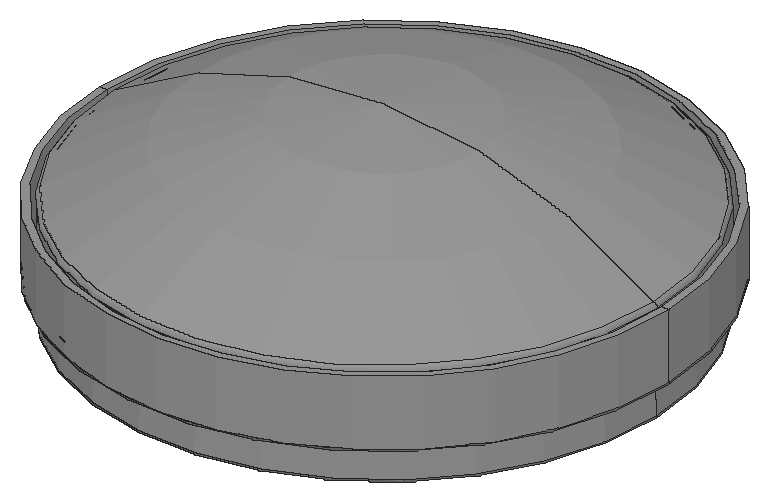
Revit family "3034812 Sylvania Lighting Fixture GIOTTO335 LED G2 4000K SURFACE 1-10V MW", category Lighting Fixtures, host Face, Revit 2016
Family settings
  Host = Face
  Part Type = Normal
  Round Connector Dimension = Use Diameter
  OmniClass Number = 23.80.70.00
  OmniClass Title = Lighting
  Cut with Voids When Loaded = No
  Light Source = Yes
  Shared = No
  Room Calculation Point = No
Parameters (values of type "3034812 GIOTTO335 LED G2 SURFACE 4000K 1-10V MW")
  Weight = "1.2 kg"
  Wattage Comments = ""
  Wattage = 23 W
  WarrantyStartDate [instance] = "n/a"
  WarrantyGuarantorParts = "n/a"
  WarrantyDurationUnit = "n/a"
  WarrantyDurationParts = "n/a"
  WarrantyDescription = "n/a"
  built-in parameter 1150110 = 1 (stored number, unit not read)
  Voltage = 230 V
  URL = "http://www.sylvania-lighting.com"
  TypeName = "GIOTTO335 LED G2 4000K SURFACE 1-10V MW"
  Type Image = <None>
  Type Comments = "n/a"
  built-in parameter 1114217 = 1 (stored number, unit not read)
  Tilt Angle = -90.00°
  built-in parameter 1150109 = 1 (stored number, unit not read)
  built-in parameter 1150134 = 12
  built-in parameter 1150113 = 1 (stored number, unit not read)
  SerialNumber [instance] = "n/a"
  Photometric Web File = "3034812.ies"
  Material_3_SYL = LED-Sylvania
  PowerFactor = 0
  PowerConsumption = "23 W"
  NominalLength = 335 mm
  NominalHeight = 110 mm
  NominalDepth = 335 mm
  Name = "GIOTTO335 LED G2 4000K SURFACE 1-10V MW"
  ModelReference = Name  # "GIOTTO335 LED G2 4000K SURFACE 1-10V MW"
  ModelNumber = "3034812"
  Model = Name  # "GIOTTO335 LED G2 4000K SURFACE 1-10V MW"
  Material = "polycarbonate housing, polycarbonate diffuser"
  ManufacturerName = "Feilo Sylvania"
  Manufacturer = "Feilo Sylvania"
  LuminousEfficacy = "97 lm/W"
  built-in parameter 1150105 = 685.38 (stored number, unit not read)
  Lumens = 2231 lm
  LuminaireType = ""
  built-in parameter 1150115 = 1 (stored number, unit not read)
  LightOutputRatio = "n/a"
  built-in parameter 1150137 = (empty or 0)
  built-in parameter 1150139 = (empty or 0)
  LampsType = Lamp  # "LED"
  LampNominalLuminous = "2225 lm"
  LampMacAdamStep = "n/a"
  LampColourTemperature = "4000 K"
  LampColourRenderingIndex = "80"
  built-in parameter 1150112 = 1 (stored number, unit not read)
  built-in parameter 1150114 = 1 (stored number, unit not read)
  Lamp = "LED"
  Keynote = "16500"
  InstallationDate [instance] = "n/a"
  InputVoltage = "n/a"
  InputNominalFrequency = "n/a"
  built-in parameter 1150132 = (empty or 0)
  built-in parameter 1150102 = (empty or 0)
  built-in parameter 1150107 = 4000 (stored number, unit not read)
  built-in parameter 1150138 = (empty or 0)
  IngressProtection = "IP44"
  ImpactProtectionIndex = "IK10"
  built-in parameter 1150106 = 6.8538 (stored number, unit not read)
  IfcExportType = "IfcLightFixtureType"
  IfcExportAs = "IfcLightFixtureType"
  Height_SYL = 110 mm
  ExpectedLife = 50000
  Emit from Circle Diameter = 317 mm
  Emit Shape Visible in Rendering = no
  ElectricShockClassification = "Class I"
  built-in parameter 1150104 = 9.0116 (stored number, unit not read)
  DurationUnit = "hours"
  DocumentationLiterature = "http://www.sylvania-lighting.com/product/en-int/products/3034812"
  DimmingControlOptions = "n/a"
  Material_2_SYL = Polycarbonate_Sylvania_Giotto_Opal
  Dimming Lamp Color Temperature Shift = <None>
  DiffuserRadius_SYL = 282.611 mm
  Diameter_SYL = 335 mm
  Description = "Ambient and decorative round, surface mounted LED bulkhead luminaire. White robust polycarbonate body with opal diffuser, 2225 lm, 23W, 97lm/W, 4000K, CRI 80, 1-10V dimmable, integral microwave sensor. 50,000 hours lumen maintenance. Drive current: 700mA, IP44, IK10, Class I, 220-240V, Energy class: A++, A+, A."
  Default Elevation = 1219.2 mm
  CreatedOn = "9/13/2018"
  CreatedBy = "@sylvania-lighting.com"
  Cost = 0
  Color Filter = 16777215
  built-in parameter 1114216 [instance] = (empty or 0)
  ClassificationValue = "EF_70_80"
  ClassificationName = "Uniclass2015"
  Material_1_SYL = Polycarbonate_Sylvania_Giotto_White
  BarCode [instance] = "n/a"
  built-in parameter 1114218 = 1 (stored number, unit not read)
  built-in parameter 1150133 = 10 (stored number, unit not read)
  AssetType = "Fixed"
  AssetIdentifier [instance] = "n/a"
  Assembly Code = "D5020200"
  Apparent Load = 23 VA
  Material_4_SYL = none
Reference planes
  plane 1 "Center (Front/Back)": y = 0
  plane 2: z = 0
  plane 3 "Center (Left/Right)": x = 0
  plane 4: x = 167.5
  plane 5: x = -167.5
  plane 6: x = -160.5
  plane 7: x = -163.5
  plane 8: z = 110
  plane 9: z = 60
  plane 10: z = 20
  plane 11: z = 25
  plane 12: x = -165.9
  plane 13: z = 21.6
  plane 14: z = 1.6
  plane 15: x = -158.9
  plane 16: z = 19
  plane 17: x = -161.5
  plane 18: z = 26
Forms (mm)
  Revolve 1, solid, material "Polycarbonate_Sylvania_Giotto_White" <- "Material_1_SYL"
    sketch origin (0, 0, 0) x (1, 0, 0) y (0, 0, 1)
      loop
        line (0, 0) -> (0, 26) -> (-158.9, 26) -> (-158.9, 25) -> (-163.5, 25) -> (-163.5, 60) -> (-167.5, 60) -> (-167.5, 21.6)
        arc (-167.5, 21.6) -> (-167.031, 20.469) -> (-165.9, 20) r 1.6
        line (-165.9, 20) -> (-160.5, 20)
        arc (-160.5, 20) -> (-160.193, 19.541) -> (-160.086, 19) r 1.414
        line (-160.086, 19) -> (-160.5, 1.6)
        arc (-160.5, 1.6) -> (-160.031, 0.469) -> (-158.9, 0) r 1.6
        line (-158.9, 0) -> (0, 0)
      axis (0, 60) -> (0, 0)
    angle from 360 to 0
  Revolve 2, solid, material "Polycarbonate_Sylvania_Giotto_Opal" <- "Material_2_SYL"
    sketch origin (0, 0, 0) x (1, 0, 0) y (0, 0, 1)
      loop
        line (-160.5, 25) -> (-158.5, 25) -> (-158.5, 57.891)
        arc (-158.5, 57.891) -> (-158.267, 58.827) -> (-157.623, 59.545) r 2
        arc (-157.623, 59.545) -> (-82.451, 95.612) -> (0, 107.998) r 280.611
        line (0, 107.998) -> (0, 109.998)
        arc (0, 109.998) -> (-83.039, 97.523) -> (-158.747, 61.2) r 282.611
        arc (-158.747, 61.2) -> (-160.035, 59.763) -> (-160.5, 57.891) r 4
        line (-160.5, 57.891) -> (-160.5, 25)
      axis (0, 109.998) -> (0, 25)
    angle from 360 to 0
Dimensions and locks
  equal spacing: plane 4, plane 3 "Center (Left/Right)", plane 5
  "Diameter_SYL": plane 4 to plane 5
  locked: plane 6 to plane 5 at 7
  locked: plane 7 to plane 5 at 4
  "Height_SYL": plane 8 to plane 2
  locked: plane 8 to plane 9 at 50
  locked: plane 9 to plane 10 at 40
  Revolve 1 sketch curve to Revolve 1 sketch curve = 5.4 mm
  locked: plane 11 to plane 10 at 5
  locked: plane 12 to plane 5 at 1.6
  locked: plane 13 to plane 10 at 1.6
  locked: plane 14 to plane 2 at 1.6
  locked: plane 15 to plane 6 at 1.6
  locked: plane 6 to plane 17 at 1
  locked: plane 10 to plane 16 at 1
  locked: plane 18 to plane 11 at 1
  "DiffuserRadius_SYL": radius of Revolve 2 sketch curve
  aligned and locked: plane 2 to host face
  aligned and locked: level to host face
  aligned and locked: Revolve 1 sketch curve to plane 3 "Center (Left/Right)"
  aligned and locked: level to Revolve 1 sketch curve
  aligned and locked: Revolve 1 sketch curve to plane 10
  aligned and locked: plane 9 to Revolve 1 sketch curve
  aligned and locked: Revolve 1 sketch curve to plane 7
  aligned and locked: plane 12 to Revolve 1 sketch curve  (x2)
  aligned and locked: plane 13 to Revolve 1 sketch curve  (x2)
  aligned and locked: plane 17 to Revolve 1 sketch curve
  aligned and locked: plane 16 to Revolve 1 sketch curve  (x2)
  aligned and locked: plane 15 to Revolve 1 sketch curve  (x3)
  aligned and locked: plane 14 to Revolve 1 sketch curve  (x2)
  aligned and locked: Revolve 2 sketch curve to plane 3 "Center (Left/Right)"
  aligned and locked: plane 6 to Revolve 2 sketch curve
  aligned and locked: Revolve 2 sketch curve to Revolve 2 sketch curve
  aligned and locked: plane 3 "Center (Left/Right)" to imposter light
  aligned and locked: imposter light to plane 1 "Center (Front/Back)"
  aligned and locked: plane 18 to Revolve 1 sketch curve
  aligned and locked: plane 11 to Revolve 1 sketch curve
  aligned and locked: plane 11 to Revolve 2 sketch curve
  aligned and locked: plane 3 "Center (Left/Right)" to Revolve 2 sketch curve
  aligned and locked: imposter light to plane 8
Automatic sketch dimensions
  host sketch curve to host sketch curve = 2438.4 mm  (x2)
  Revolve 1 sketch curve to plane 3 "Center (Left/Right)" = 0 mm
  Revolve 1 sketch curve to level = 609.6 mm
  Revolve 1 sketch curve to plane 8 = 2499.058 mm
  Revolve 2 sketch curve to Revolve 2 sketch curve = 0 mm  (x3)
  plane 15 to Revolve 2 sketch curve = 0.4 mm
  Revolve 2 sketch curve to Revolve 2 sketch curve = 2 mm  (x2)
  Revolve 2 sketch curve to level = 172.613 mm
  plane 9 to Revolve 2 sketch curve = 2.109 mm
  Revolve 2 sketch curve to Revolve 2 sketch curve = 436.987 mm
  Revolve 2 sketch curve to plane 8 = 2499.058 mm
Connectors
  electrical at (0, 0, 0), driven by "Apparent Load", driven by "PowerFactor", driven by "Voltage"
    settings: index 1, voltage 230 V, apparent load 23 VA, apparent load phase1 0 VA, apparent load phase2 0 VA, apparent load phase3 0 VA, power factor 0, load classification "Lighting", number of poles 1, system type 30, power factor state 1, is connector primary yes, connector utility no, sub classification motor no, connector description ""
